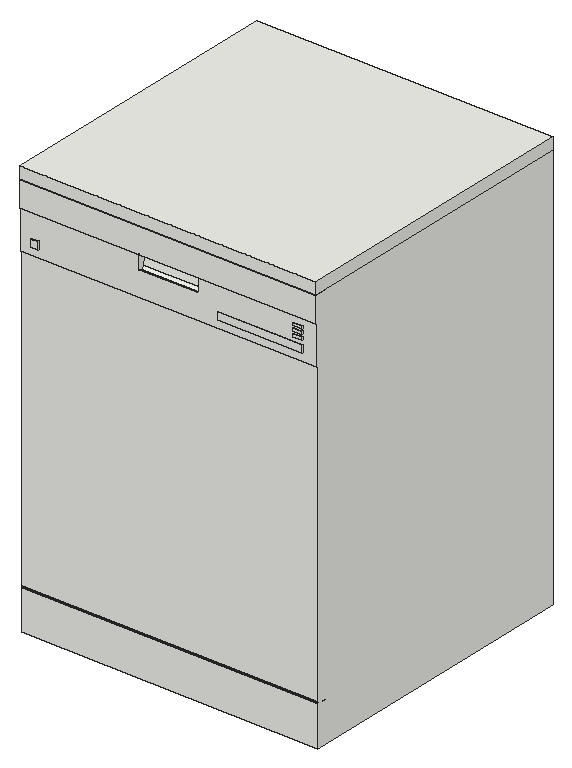
Revit family
Parameters (values of type "600mm x 600mm x 850mm")
  Profondeur = 600 mm
  Hauteur = 850 mm
  Finition = Peinture - Ivoire
Reference planes
  plane 1 "Arrière": y = 438.82
  plane 2: z = 0
  plane 3 "Centre (gauche/droite)": x = -38.495
  plane 4: x = -338.495
  plane 5: x = 261.505
  plane 6: y = -161.18
  plane 7: z = 825
  plane 8: z = 412.5
  plane 9: z = 850
Forms (mm)
  Extrusion 1, solid, material "Peinture - Ivoire" <- "Finition"
    sketch origin (-338.495, 766.797, 1200) x (0, 1, 0) y (0, 0, 1)
      loop
        line (-327.977, -1200) -> (-327.977, -375) -> (-902.977, -375) -> (-902.977, -376.5) -> (-927.977, -376.5) -> (-927.977, -426.5) -> (-925.477, -426.5) -> (-925.477, -506.5) -> (-922.977, -506.5) -> (-922.977, -1115.681) -> (-920.668, -1117.99) -> (-902.977, -1117.99) -> (-902.977, -1120) -> (-922.977, -1120) -> (-922.977, -1200) -> (-327.977, -1200)
    from 0 to 600
  Extrusion 2, solid, material "Peinture - Ivoire" <- "Finition"
    sketch origin (654.664, -1524, 825) x (0, -1, 0) y (-1, 0, 0)
      loop
        line (-1962.82, 993.159) -> (-1962.82, 393.159) -> (-1362.82, 393.159) -> (-1362.82, 993.159) -> (-1962.82, 993.159)
    from 0 to -25
  Extrusion 3, solid, material "Peinture - Ivoire" <- "Finition", detail levels medium+fine
    sketch origin (-338.495, -158.68, 693.5) x (0, 0, 1) y (-1, 0, 0)
      loop
        line (15.874, -21.792) -> (15.874, -36.792) -> (30.874, -36.792) -> (30.874, -21.792) -> (15.874, -21.792)
      loop
        line (15.874, -400.117) -> (15.874, -571.392) -> (30.874, -571.392) -> (30.874, -400.117) -> (15.874, -400.117)
      loop
        line (65.068, -552.963) -> (60.068, -552.963) -> (60.068, -571.392) -> (65.068, -571.392) -> (65.068, -552.963)
      loop
        line (40.068, -552.963) -> (40.068, -571.392) -> (45.068, -571.392) -> (45.068, -552.963) -> (40.068, -552.963)
      loop
        line (55.068, -552.963) -> (50.068, -552.963) -> (50.068, -571.392) -> (55.068, -571.392) -> (55.068, -552.963)
    from 0 to 2
  Extrusion 4, void
    sketch origin (-38.495, 0, 0) x (0, -1, 0) y (0, 0, 1)
      loop
        line (153.68, 790.132) -> (140.447, 790.132) -> (148.567, 748.355)
        arc (148.567, 748.355) -> (150.641, 744.87) -> (154.457, 743.5) r 6
        line (154.457, 743.5) -> (158.68, 743.5) -> (158.68, 773.5) -> (153.68, 773.5) -> (153.68, 790.132)
    from -60 to 60
Cuts and joins
  Extrusion 4 cuts Extrusion 1
Lines and regions (mm)
  Masking region 1
    outline origin (654.664, -1524, 825) x (0, -1, 0) y (1, 0, 0)
      loop
        line (-1962.82, -993.159) -> (-1362.82, -993.159) -> (-1362.82, -393.159) -> (-1962.82, -393.159) -> (-1962.82, -993.159)
  model lines
    curve 1: line (-338.495, -136.18, 82.01) -> (-338.495, -136.18, 825)
    curve 2: line (261.505, -136.18, 82.01) -> (261.505, -136.18, 823.5)
  model lines, detail levels medium+fine
    curve 3: line (61.622, -158.68, 733.568) -> (204.468, -158.68, 733.568)
    curve 4: line (61.622, -158.68, 758.568) -> (61.622, -158.68, 733.568)
    curve 5: line (204.468, -158.68, 758.568) -> (61.622, -158.68, 758.568)
    curve 6: line (204.468, -158.68, 733.568) -> (204.468, -158.68, 758.568)
    curve 7: line (90.168, -160.68, 709.374) -> (90.168, -160.68, 724.374)
    curve 8: line (118.714, -160.68, 709.374) -> (118.714, -160.68, 724.374)
    curve 9: line (147.26, -160.68, 709.374) -> (147.26, -160.68, 724.374)
    curve 10: line (175.806, -160.68, 709.374) -> (175.806, -160.68, 724.374)
    curve 11: line (204.352, -160.68, 709.374) -> (204.352, -160.68, 724.374)
Dimensions and locks
  equal spacing: plane 4, plane 3 "Centre (gauche/droite)", plane 5
  "Profondeur": plane 6 to plane 1 "Arrière"
  locked: plane 4 to plane 5 at 600
  "Hauteur": plane 9 to level
  equal spacing: plane 7, plane 8, plane 2
  locked: plane 9 to plane 7 at 25
  aligned and locked: plane 5 to Extrusion 1
  aligned and locked: Extrusion 1 sketch curve to plane 1 "Arrière"
  aligned and locked: Extrusion 1 sketch curve to plane 7
  aligned and locked: Extrusion 1 sketch curve to plane 2
  aligned and locked: plane 4 to Extrusion 2 sketch curve
  aligned and locked: plane 6 to Extrusion 2 sketch curve
  aligned and locked: Extrusion 2 sketch curve to plane 5
  aligned and locked: plane 1 "Arrière" to Extrusion 2 sketch curve
  aligned and locked: Extrusion 2 to plane 9
  aligned and locked: Masking region 1 sketch curve to Extrusion 2  (x3)
  aligned and locked: Masking region 1 sketch curve to plane 6
Automatic sketch dimensions
  curve 1 to Extrusion 1 = 0 mm  (x3)
  curve 2 to Extrusion 1 = 0 mm  (x3)
  plane 6 to Extrusion 1 sketch curve = 5 mm
  Extrusion 1 sketch curve to plane 6 = 0 mm
  plane 6 to Extrusion 1 sketch curve = 2.5 mm
  Extrusion 1 sketch curve to Extrusion 1 sketch curve = 2.5 mm
  Extrusion 1 sketch curve to Extrusion 1 sketch curve = 2.309 mm  (x2)
  Extrusion 1 sketch curve to Extrusion 1 sketch curve = 17.691 mm
  plane 6 to Extrusion 1 sketch curve = 25 mm
  level to Extrusion 1 sketch curve = 80 mm
  Extrusion 1 sketch curve to Extrusion 1 sketch curve = 2.01 mm
  plane 7 to Extrusion 1 sketch curve = 131.5 mm
  plane 7 to Extrusion 1 sketch curve = 51.5 mm
  plane 7 to Extrusion 1 sketch curve = 1.5 mm
  Extrusion 1 to Extrusion 3 sketch curve = 15.874 mm  (x2)
  Extrusion 3 sketch curve to Extrusion 3 sketch curve = 15 mm  (x3)
  Extrusion 3 sketch curve to Extrusion 3 sketch curve = 9.194 mm
  Extrusion 3 sketch curve to Extrusion 3 sketch curve = 5 mm  (x5)
  Extrusion 1 to Extrusion 3 sketch curve = 28.608 mm
  Extrusion 3 sketch curve to Extrusion 3 sketch curve = 0 mm  (x5)
  Extrusion 3 sketch curve to Extrusion 3 sketch curve = 18.429 mm
  Extrusion 3 sketch curve to Extrusion 3 sketch curve = 152.846 mm
  Extrusion 1 to Extrusion 3 sketch curve = 36.792 mm
  Extrusion 1 to curve 3 = 39.932 mm
  Extrusion 1 to curve 5 = 14.932 mm
  Extrusion 1 to curve 3 = 57.037 mm
  curve 5 to curve 5 = 142.846 mm
  curve 7 to Extrusion 3 = 0 mm  (x2)
  curve 10 to Extrusion 3 = 0 mm  (x2)
  curve 8 to Extrusion 3 = 0 mm  (x2)
  curve 9 to Extrusion 3 = 0 mm  (x2)
  curve 11 to Extrusion 3 = 0 mm  (x2)
  Extrusion 3 to curve 11 = 10.117 mm
  curve 11 to curve 10 = 28.546 mm
  curve 10 to curve 9 = 28.546 mm
  curve 9 to curve 8 = 28.546 mm
  curve 8 to curve 7 = 28.546 mm
  plane 6 to Extrusion 4 sketch curve = 20.733 mm
  plane 6 to Extrusion 4 sketch curve = 12.612 mm
  plane 6 to Extrusion 4 sketch curve = 7.5 mm
  plane 6 to Extrusion 4 sketch curve = 6.723 mm
  plane 6 to Extrusion 4 sketch curve = 2.5 mm
  plane 7 to Extrusion 4 sketch curve = 81.5 mm
  Extrusion 4 sketch curve to Extrusion 4 sketch curve = 4.855 mm
  Extrusion 4 sketch curve to Extrusion 4 sketch curve = 24 mm
  Extrusion 4 sketch curve to Extrusion 4 sketch curve = 16.632 mm
